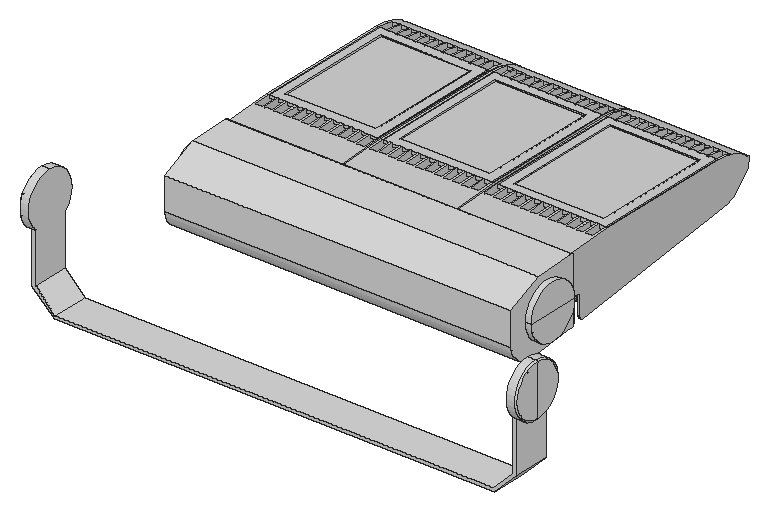
Revit family "0049128 Feilo Sylvania Lighting Fixture SYLVEO LED 30000LM WIDE 3K", category Lighting Fixtures, host Face, Revit 2017
Family settings
  Host = Face
  Round Connector Dimension = Use Diameter
  Part Type = Normal
  OmniClass Number = 23.80.70.00
  OmniClass Title = Lighting
  Cut with Voids When Loaded = No
  Light Source = No
  Shared = Yes
  Room Calculation Point = No
Parameters (values of type "0049128 SYLVEO LED 30000LM WIDE 3K")
  Weight = "15.868 kg"
  Wattage Comments = "n/a"
  WarrantyStartDate [instance] = "n/a"
  WarrantyGuarantorParts = "n/a"
  WarrantyDurationUnit = "n/a"
  WarrantyDurationParts = "n/a"
  WarrantyDescription = "n/a"
  Voltage = 230 V
  URL = "http://www.sylvania-lighting.com"
  TypeName = "SYLVEO LED 30000LM WIDE 3K"
  TypeBody_FEILO = Sylveo Extra Large Body : 0049128 SYLVEO LED 30000LM WIDE 3K
  Type Image = <None>
  Type Comments = "n/a"
  TotalWidth_FEILO = 648 mm
  TiltAngle_FEILO [instance] = 0.00°
  StartAngle_FEILO [instance] = -TiltAngle_FEILO  # 0.00°
  SerialNumber [instance] = "n/a"
  PowerFactor = 0
  PowerConsumption = "301.2 W"
  NominalWidth = 0 mm
  NominalLength = 648 mm
  NominalHeight = 392 mm
  Name = "SYLVEO LED 30000LM WIDE 3K"
  ModelReference = "SYLVEO LED 30000LM WIDE 3K"
  ModelNumber = "0049128"
  Material = "aluminium housing, glass diffuser"
  ManufacturerName = "Feilo Sylvania"
  LuminousEfficacy = "102.3 lm/W"
  LuminaireType = ""
  LightOutputRatio = "100"
  LampsType = Lamp  # "LED"
  LampNominalLuminous = "30813 lm"
  LampMacAdamStep = "6"
  LampColourTemperature = "3000 K"
  LampColourRenderingIndex = "70"
  InstallationDate [instance] = "n/a"
  InputVoltage = "100-240V~"
  InputNominalFrequency = "50 Hz"
  IngressProtection = "IP66"
  ImpactProtectionIndex = "IK08"
  IfcExportType = "IfcLightFixtureType"
  IfcExportAs = "IfcLightFixtureType"
  HingeHeight_FEILO = 121 mm
  HingeDia_FEILO = 70 mm
  ExpectedLife = 50000
  EndAngle_FEILO [instance] = StartAngle_FEILO + 180.00°  # 180.00°
  Material_3_FEILO = none
  Model = "SYLVEO LED 30000LM WIDE 3K"
  Manufacturer = "Feilo Sylvania"
  Lamp = "LED"
  Keynote = "16500"
  Material_2_FEILO = none
  ElectricShockClassification = "Class I"
  DurationUnit = "hours"
  DocumentationLiterature = "http://www.sylvania-lighting.com/product/en-int/products/0049128"
  DimmingControlOptions = "Non dimmable"
  Description = "Exterior LED Floodlight, comes complete with a 1000mm cable and adjustable bracket, aluminium housing, clear glass diffuser, IP66, IK08, Class I, 3000K, Non-dimming, 30813lm, 301W, 102lm/W, 8400mA, CRI70, 52° beam angle, 50000hrs, (LxWxD) 98x648x392mm"
  Default Elevation = 1219.2 mm
  CreatedOn = "12/18/2017"
  CreatedBy = ""
  Cost = 0
  built-in parameter 1114216 [instance] = (empty or 0)
  ClassificationValue = "EF_70_80"
  ClassificationName = "Uniclass2015"
  BracketWidth_FEILO = 48 mm
  BracketThickness_FEILO = 4.5 mm
  BracketInnerWidth_FEILO = 623 mm
  BracketFold_FEILO = 30 mm
  BracketExtrusionStart_FEILO = -BracketWidth_FEILO / 2  # -24 mm
  BracketExtrusionEnd_FEILO = BracketWidth_FEILO / 2  # 24 mm
  Material_1_FEILO = Body-Sylvania-Sylveo-Aluminium
  BarCode [instance] = "n/a"
  AssetType = "Fixed"
  AssetIdentifier [instance] = "n/a"
  Assembly Code = "D5020200"
  Apparent Load = 301.2 VA
  Material_4_FEILO = none
Reference planes
  plane 1 "Center (Front/Back)": y = 0
  plane 2: z = 0
  plane 3 "Center (Left/Right)": x = 0
  plane 4: x = 311.5
  plane 5: x = -311.5
  plane 6: z = 121
  plane 7: x = 324
  plane 8: x = -324
  plane 9: z = 156
  plane 10: z = 86
  plane 11: x = 322
  plane 12: x = -322
  plane 13: x = 316
  plane 14: x = -316
  plane 15: z = 4.5
  plane 16: z = 30
  plane 17: x = 286
  plane 18: x = -286
  plane 19: z = 88
Forms (mm)
  Extrusion 1, solid, material "Body-Sylvania-Sylveo-Aluminium" <- "Material_1_FEILO"
    sketch origin (0, 0, 0) x (1, 0, 0) y (0, 0, 1)
      loop
        line (0, 4.5) -> (0, 0) -> (286.828, 0) -> (316, 29.172) -> (316, 121) -> (311.5, 121) -> (311.5, 30) -> (286, 4.5) -> (0, 4.5)
    from -24 <- "BracketExtrusionStart_FEILO" to 24 <- "BracketExtrusionEnd_FEILO"
  Extrusion 2, solid, material "Body-Sylvania-Sylveo-Aluminium" <- "Material_1_FEILO"
    sketch origin (0, 0, 0) x (-1, 0, 0) y (0, 0, -1)
      loop
        line (0, -4.5) -> (286, -4.5) -> (311.5, -30) -> (311.5, -121) -> (316, -121) -> (316, -29.172) -> (286.828, 0) -> (0, 0) -> (0, -4.5)
    from -24 <- "BracketExtrusionStart_FEILO" to 24 <- "BracketExtrusionEnd_FEILO"
  Revolve 3, solid, material "Body-Sylvania-Sylveo-Aluminium" <- "Material_1_FEILO"
    sketch origin (0, 0, 0) x (1, 0, 0) y (0, 0, 1)
      loop
        line (-311.5, 121) -> (-324, 121) -> (-324, 88) -> (-322, 86) -> (-311.5, 86) -> (-311.5, 121)
      axis (-311.5, 121) -> (-324, 121)
    angle from 0 to 360
  Revolve 4, solid, material "Body-Sylvania-Sylveo-Aluminium" <- "Material_1_FEILO"
    sketch origin (0, 0, 0) x (-1, 0, 0) y (0, 0, 1)
      loop
        line (-311.5, 121) -> (-324, 121) -> (-324, 88) -> (-322, 86) -> (-311.5, 86) -> (-311.5, 121)
      axis (-311.5, 121) -> (-324, 121)
    angle from 0 to 360
  Revolve 5, solid, not visible
    sketch origin (181.107, 0, 121) x (1, 0, 0) y (0, 1, 0)
      loop
        line (-191.101, 0) -> (-171.112, 0) -> (-171.112, 10) -> (-191.101, 10) -> (-191.101, 0)
      axis (-171.112, 0) -> (-191.101, 0)
    angle from 0 <- "StartAngle_FEILO" to 180 <- "EndAngle_FEILO"
Cuts and joins
  joined: Extrusion 1, Extrusion 2, Revolve 3, Revolve 4
Dimensions and locks
  equal spacing: plane 5, plane 3 "Center (Left/Right)", plane 4
  "BracketInnerWidth_FEILO": plane 5 to plane 4
  equal spacing: plane 7, plane 3 "Center (Left/Right)", plane 8
  "TotalWidth_FEILO": plane 7 to plane 8
  "HingeHeight_FEILO": plane 2 to plane 6
  equal spacing: plane 10, plane 6, plane 9
  "HingeDia_FEILO": plane 10 to plane 9
  equal spacing: plane 11, plane 3 "Center (Left/Right)", plane 12
  equal spacing: plane 13, plane 3 "Center (Left/Right)", plane 14
  "BracketFold_FEILO": plane 2 to plane 16
  "BracketThickness_FEILO": plane 2 to plane 15
  equal spacing: plane 17, plane 3 "Center (Left/Right)", plane 18
  locked: plane 19 to plane 10 at 2
  locked: Revolve 5 sketch curve to Revolve 5 sketch curve at 10
  equal spacing: Revolve 5 sketch curve, plane 3 "Center (Left/Right)", Revolve 5 sketch curve
  locked: Revolve 5 sketch curve to Revolve 5 sketch curve at 19.988
  locked: plane 7 to plane 11 at 2
  "BracketFold_FEILO": plane 13 to plane 17
  "BracketThickness_FEILO": plane 4 to plane 13
  aligned and locked: plane 2 to host face
  aligned and locked: level to host face
  aligned and locked: plane 10 to Revolve 3 sketch curve
  aligned and locked: Revolve 3 sketch curve to plane 8
  aligned and locked: plane 5 to Revolve 3 sketch curve
  aligned and locked: Revolve 3 sketch curve to plane 6  (x2)
  aligned and locked: Revolve 5 sketch curve to plane 1 "Center (Front/Back)"
  aligned and locked: plane 3 "Center (Left/Right)" to nested 1
Automatic sketch dimensions
  host sketch curve to host sketch curve = 2438.4 mm  (x2)
  Extrusion 1 sketch curve to plane 3 "Center (Left/Right)" = 0 mm  (x2)
  Extrusion 1 sketch curve to level = 0 mm  (x2)
  Extrusion 1 sketch curve to plane 15 = 0 mm
  Extrusion 1 sketch curve to plane 17 = 0 mm
  plane 4 to Extrusion 1 sketch curve = 0 mm
  Extrusion 1 sketch curve to plane 13 = 0 mm  (x2)
  Extrusion 1 sketch curve to plane 6 = 0 mm  (x2)
  Extrusion 1 sketch curve to plane 16 = 0 mm
  plane 17 to Extrusion 1 sketch curve = 0.828 mm
  Extrusion 1 sketch curve to plane 16 = 0.828 mm
  Extrusion 2 sketch curve to plane 3 "Center (Left/Right)" = 0 mm  (x2)
  Extrusion 2 sketch curve to level = 0 mm  (x2)
  Extrusion 2 sketch curve to plane 15 = 0 mm
  plane 18 to Extrusion 2 sketch curve = 0 mm
  plane 5 to Extrusion 2 sketch curve = 0 mm
  plane 14 to Extrusion 2 sketch curve = 0 mm  (x2)
  Extrusion 2 sketch curve to plane 6 = 0 mm  (x2)
  Extrusion 2 sketch curve to plane 16 = 0 mm
  Extrusion 2 sketch curve to plane 18 = 0.828 mm
  plane 16 to Extrusion 2 sketch curve = 0.828 mm
  plane 12 to Revolve 3 sketch curve = 0 mm
  Revolve 3 sketch curve to plane 19 = 0 mm
  plane 8 to Revolve 3 sketch curve = 77.715 mm
  plane 7 to Revolve 3 sketch curve = 78.607 mm
  Revolve 4 sketch curve to plane 6 = 0 mm  (x2)
  Revolve 4 sketch curve to plane 7 = 0 mm
  Revolve 4 sketch curve to plane 10 = 0 mm
  Revolve 4 sketch curve to plane 11 = 0 mm
  plane 4 to Revolve 4 sketch curve = 0 mm
  Revolve 4 sketch curve to plane 19 = 0 mm
  Revolve 4 sketch curve to Revolve 4 sketch curve = 77.715 mm
  Revolve 4 sketch curve to plane 8 = 78.607 mm
  plane 1 "Center (Front/Back)" to Revolve 5 sketch curve = 0 mm
  plane 8 to Revolve 5 sketch curve = 1421.5 mm
  plane 7 to Revolve 5 sketch curve = 1421.5 mm
Nested families
  nested 1: "Sylveo Extra Large Body" at (0, 137.375, 121), type <- "TypeBody_FEILO", type "0049128 SYLVEO LED 30000LM WIDE 3K"
    with Apparent Load 301.2 VA
Connectors
  electrical at (0, 0, 0), driven by "Apparent Load"
    settings: index 1, voltage 230 V, apparent load 301.2 VA, apparent load phase1 0 VA, apparent load phase2 0 VA, apparent load phase3 0 VA, power factor 0, load classification "Lighting", number of poles 1, system type 30, power factor state 1, is connector primary yes, connector utility no, sub classification motor no, connector description ""
Definition of nested family "Sylveo Extra Large Body"
  Parameters (values of type "0049147 SYLVEO LED 20000LM RASYM 4K DALI ")
    Weight = "11.516 kg"
    Wattage Comments = ""
    Wattage = 202 W
    WarrantyStartDate [instance] = "n/a"
    WarrantyGuarantorParts = "n/a"
    WarrantyDurationUnit = "n/a"
    WarrantyDurationParts = "n/a"
    WarrantyDescription = "n/a"
    built-in parameter 1150110 = 1 (stored number, unit not read)
    Voltage = 230 V
    URL = "http://www.feilosylvania.com"
    TypeName = "SYLVEO LED 20000LM RASYM 4K DALI"
    Type Image = (empty or 0)
    Type Comments = "n/a"
    built-in parameter 1114217 = 1 (stored number, unit not read)
    Tilt Angle = -90.00°
    built-in parameter 1150109 = 1 (stored number, unit not read)
    built-in parameter 1150134 = 12
    built-in parameter 1150113 = 1 (stored number, unit not read)
    SerialNumber [instance] = "n/a"
    Photometric Web File = "0049147.ies"
    Material_3_FEILO = none
    PowerFactor = 0.95
    PowerConsumption = "202 W"
    NominalLength = 98 mm
    NominalHeight = 392 mm
    NominalDepth = 496 mm
    Name = "SYLVEO LED 20000LM RASYM 4K DALI"
    ModelReference = Name  # "SYLVEO LED 20000LM RASYM 4K DALI"
    ModelNumber = "0049147"
    Model = Name  # "SYLVEO LED 20000LM RASYM 4K DALI"
    Material = "aluminum housing, glass diffuser"
    ManufacturerName = "Feilo Sylvania"
    Manufacturer = "Feilo Sylvania"
    LuminousEfficacy = "106.6 lm/W"
    built-in parameter 1150105 = 11127.1 (stored number, unit not read)
    Lumens = 21533.2 lm
    LuminaireType = ""
    built-in parameter 1150115 = 1 (stored number, unit not read)
    LightOutputRatio = "1"
    built-in parameter 1150137 = (empty or 0)
    built-in parameter 1150139 = (empty or 0)
    LampsType = Lamp  # "LED"
    LampNominalLuminous = "21542 lm"
    LampMacAdamStep = "6"
    LampColourTemperature = "4000 K"
    LampColourRenderingIndex = "70"
    built-in parameter 1150112 = 1 (stored number, unit not read)
    built-in parameter 1150114 = 1 (stored number, unit not read)
    Lamp = "LED"
    Keynote = "16500"
    InstallationDate [instance] = "n/a"
    InputVoltage = "100-240V~"
    InputNominalFrequency = "50/60 Hz"
    built-in parameter 1150132 = (empty or 0)
    built-in parameter 1150102 = (empty or 0)
    built-in parameter 1150107 = 4000 (stored number, unit not read)
    built-in parameter 1150138 = (empty or 0)
    IngressProtection = "IP66"
    ImpactProtectionIndex = "IK08"
    built-in parameter 1150106 = 111.27 (stored number, unit not read)
    IfcExportType = "IfcLightFixtureType"
    IfcExportAs = "IfcLightFixtureType"
    ExpectedLife = 50000
    Emit from Rectangle Width = 156 mm
    Emit from Rectangle Length = 415.5 mm
    Emit Shape Visible in Rendering = no
    ElectricShockClassification = "Class I"
    built-in parameter 1150104 = 9.9035 (stored number, unit not read)
    DurationUnit = "hours"
    DocumentationLiterature = "http://www.feilosylvania.com/product/en-int/products/0049147"
    DimmingControlOptions = "Dimmable"
    Material_2_FEILO = none
    Dimming Lamp Color Temperature Shift = (empty or 0)
    Description = "Exterior LED floodlight, comes complete with a 1000mm cable and adjustable bracket, aluminium housing, clear glass diffuser, 21542lm, 201W, 107lm/W, 4000K, 5002mA, CRI70, 52°x117° beam angle, DALI dimmable, IP66, IK08, Class I, 50000hrs, (LxWxD) 98x496x392mm"
    Default Elevation = 1219.2 mm
    CreatedOn = "1/9/2018"
    CreatedBy = "aron.fodor@feilosylvania.com"
    Cost = 0
    Color Filter = 16777215
    built-in parameter 1114216 [instance] = (empty or 0)
    ClassificationValue = "EF_70_80"
    ClassificationName = "Uniclass2015"
    Material_1_FEILO = none
    BarCode [instance] = "n/a"
    built-in parameter 1114218 = 1 (stored number, unit not read)
    built-in parameter 1150133 = 10 (stored number, unit not read)
    AssetType = "Fixed"
    AssetIdentifier [instance] = "n/a"
    Assembly Code = "D5020200"
    Apparent Load = 202 VA
    Material_4_FEILO = none
  Types (9, lengths in mm): name | Weight | Wattage | TypeName | built-in parameter 1150134 | Photometric Web File | PowerFactor | PowerConsumption | NominalLength | NominalDepth | Name | ModelReference | ModelNumber | Model | Material | LuminousEfficacy | built-in parameter 1150105 | Lumens | LightOutputRatio | LampNominalLuminous | LampColourTemperature | InputNominalFrequency | built-in parameter 1150107 | built-in parameter 1150106 | built-in parameter 1150104 | DocumentationLiterature | DimmingControlOptions | Description | Apparent Load
    0049147 SYLVEO LED 20000LM RASYM 4K DALI | "11.516 kg" | 202 W | "SYLVEO LED 20000LM RASYM 4K DALI" | 12 | "0049147.ies" | 0.95 | "202 W" | 98 | 496 | "SYLVEO LED 20000LM RASYM 4K DALI" | "SYLVEO LED 20000LM RASYM 4K DALI" | "0049147" | "SYLVEO LED 20000LM RASYM 4K DALI" | "aluminum housing, glass diffuser" | "106.6 lm/W" | 11127.1 (stored number, unit not read) | 21533.2 lm | "1" | "21542 lm" | "4000 K" | "50/60 Hz" | 4000 (stored number, unit not read) | 111.27 (stored number, unit not read) | 9.9035 (stored number, unit not read) | "http://www.feilosylvania.com/product/en-int/products/0049147" | "Dimmable" | "Exterior LED floodlight, comes complete with a 1000mm cable and adjustable bracket, aluminium housing, clear glass diffuser, 21542lm, 201W, 107lm/W, 4000K, 5002mA, CRI70, 52°x117° beam angle, DALI dimmable, IP66, IK08, Class I, 50000hrs, (LxWxD) 98x496x392mm" | 202 VA
    0049146 SYLVEO LED 20000LM WIDE 4K DALI | "11.516 kg" | 200 W | "SYLVEO LED 20000LM WIDE 4K DALI" | 12 | "0049146.ies" | 0.95 | "200 W" | 98 | 496 | "SYLVEO LED 20000LM WIDE 4K DALI" | "SYLVEO LED 20000LM WIDE 4K DALI" | "0049146" | "SYLVEO LED 20000LM WIDE 4K DALI" | "aluminum housing, glass diffuser" | "106.4 lm/W" | 25856.7 (stored number, unit not read) | 21280 lm | "1" | "21281 lm" | "4000 K" | "50/60 Hz" | 4000 (stored number, unit not read) | 258.57 (stored number, unit not read) | 9.8849 (stored number, unit not read) | "http://www.feilosylvania.com/product/en-int/products/0049146" | "Dimmable" | "Exterior LED floodlight, comes complete with a 1000mm cable and adjustable bracket, aluminium housing, clear glass diffuser, 21281lm, 200W, 106lm/W, 4000K, 5002mA, CRI70, 52° beam angle, DALI dimmable, IP66, IK08, Class I, 50000hrs, (LxWxD) 98x496x392mm" | 200 VA
    0049145 SYLVEO LED 20000LM NAR 4K DALI | "11.516 kg" | 201 W | "SYLVEO LED 20000LM NAR 4K DALI" | 12 | "0049145.ies" | 0.95 | "201 W" | 98 | 496 | "SYLVEO LED 20000LM NAR 4K DALI" | "SYLVEO LED 20000LM NAR 4K DALI" | "0049145" | "SYLVEO LED 20000LM NAR 4K DALI" | "aluminum housing, glass diffuser" | "107.5 lm/W" | 50417.9 (stored number, unit not read) | 21607.5 lm | "1" | "21605 lm" | "4000 K" | "50/60 Hz" | 4000 (stored number, unit not read) | 504.18 (stored number, unit not read) | 9.9871 (stored number, unit not read) | "http://www.feilosylvania.com/product/en-int/products/0049145" | "Dimmable" | "Exterior LED floodlight, comes complete with a 1000mm cable and adjustable bracket, aluminium housing, clear glass diffuser, 21605lm, 201W, 108lm/W, 4000K, 5002mA, CRI70, 30° beam angle, DALI dimmable, IP66, IK08, Class I, 50000hrs, (LxWxD) 98x496x392mm" | 201 VA
    0049123 SYLVEO LED 20000LM RASYM 3K | "11.516 kg" | 201.3 W | "SYLVEO LED 20000LM RASYM 3K" | (empty or 0) | "0049123.ies" | 0 | "201.3 W" | 496 | 98 | "SYLVEO LED 20000LM RASYM 3K" | "SYLVEO LED 20000LM RASYM 3K" | "0049123" | "SYLVEO LED 20000LM RASYM 3K" | "aluminium housing, glass diffuser" | "102.5 lm/W" | 10660.6 (stored number, unit not read) | 20633.3 lm | "100" | "20639 lm" | "3000 K" | "50 Hz" | 3000 (stored number, unit not read) | 106.61 (stored number, unit not read) | 9.5226 (stored number, unit not read) | "http://www.feilosylvania.com/product/en-int/products/0049123" | "Non dimmable" | "Exterior LED Floodlight, comes complete with a 1000mm cable and adjustable bracket, aluminium housing, clear glass diffuser, IP66, IK08, Class I, 3000K, Non-dimming, 20639lm, 201W, 103lm/W, 4800mA, CRI70, 52°x117° beam angle, 50000hrs, (LxWxD) 98x496x392mm, Asmmetric" | 201.3 VA
    0049122 SYLVEO LED 20000LM WIDE 3K | "11.5 kg" | 201.3 W | "SYLVEO LED 20000LM WIDE 3K" | (empty or 0) | "0049122.ies" | 0 | "201.3 W" | 496 | 98 | "SYLVEO LED 20000LM WIDE 3K" | "SYLVEO LED 20000LM WIDE 3K" | "0049122" | "SYLVEO LED 20000LM WIDE 3K" | "aluminium housing, glass diffuser" | "102.5 lm/W" | 25192 (stored number, unit not read) | 20633.3 lm | "100" | "20633 lm" | "3000 K" | "50 Hz" | 3000 (stored number, unit not read) | 251.92 (stored number, unit not read) | 9.5226 (stored number, unit not read) | "http://www.feilosylvania.com/product/en-int/products/0049122" | "Non dimmable" | "Exterior LED Floodlight, comes complete with a 1000mm cable and adjustable bracket, aluminium housing, clear glass diffuser, IP66, IK08, Class I, 3000K, Non-dimming, 20633lm, 201W, 103lm/W, 4800mA, CRI70, 52° beam angle, 50000hrs, (LxWxD) 98x496x392mm" | 201.3 VA
    0049121 SYLVEO LED 20000LM NAR 3K | "11.552 kg" | 200.6 W | "SYLVEO LED 20000LM NAR 3K" | (empty or 0) | "0049121.ies" | 0 | "200.6 W" | 496 | 98 | "SYLVEO LED 20000LM NAR 3K" | "SYLVEO LED 20000LM NAR 3K" | "0049121" | "SYLVEO LED 20000LM NAR 3K" | "aluminium housing, glass diffuser" | "103.9 lm/W" | 50639 (stored number, unit not read) | 20842.3 lm | "100" | "20834 lm" | "3000 K" | "50 Hz" | 3000 (stored number, unit not read) | 506.39 (stored number, unit not read) | 9.6526 (stored number, unit not read) | "http://www.feilosylvania.com/product/en-int/products/0049121" | "Non dimmable" | "Exterior LED Floodlight, comes complete with a 1000mm cable and adjustable bracket, aluminium housing, clear glass diffuser, IP66, IK08, Class I, 3000K, Non-dimming, 20834lm, 201W, 104lm/W, 4800mA, CRI70, 30° beam angle, 50000hrs, (LxWxD) 98x496x392mm" | 200.6 VA
    0049120 SYLVEO LED 20000LM RASYM 4K | "11.318 kg" | 200.6 W | "SYLVEO LED 20000LM RASYM 4K" | 12 | "0049120.ies" | 0 | "200.6 W" | 496 | 98 | "SYLVEO LED 20000LM RASYM 4K" | "SYLVEO LED 20000LM RASYM 4K" | "0049120" | "SYLVEO LED 20000LM RASYM 4K" | "aluminium housing, glass diffuser" | "107.4 lm/W" | 11131.4 (stored number, unit not read) | 21544.4 lm | "100" | "21546 lm" | "4000 K" | "50 Hz" | 4000 (stored number, unit not read) | 111.31 (stored number, unit not read) | 9.9778 (stored number, unit not read) | "http://www.feilosylvania.com/product/en-int/products/0049120" | "Non dimmable" | "Exterior LED Floodlight, comes complete with a 1000mm cable and adjustable bracket, aluminium housing, clear glass diffuser, IP66, IK08, Class I, 4000K, Non-dimming, 21546lm, 201W, 107lm/W, 4800mA, CRI70, 52°x117° beam angle, 50000hrs, (LxWxD) 98x496x392mm" | 200.6 VA
    0049119 SYLVEO LED 20000LM WIDE 4K | "11.472 kg" | 200.5 W | "SYLVEO LED 20000LM WIDE 4K" | 12 | "0049119.ies" | 0 | "200.5 W" | 496 | 98 | "SYLVEO LED 20000LM WIDE 4K" | "SYLVEO LED 20000LM WIDE 4K" | "0049119" | "SYLVEO LED 20000LM WIDE 4K" | "aluminium housing, glass diffuser" | "107.3 lm/W" | 27146.8 (stored number, unit not read) | 21513.6 lm | "100" | "21514 lm" | "4000 K" | "50 Hz" | 4000 (stored number, unit not read) | 271.47 (stored number, unit not read) | 9.9685 (stored number, unit not read) | "http://www.feilosylvania.com/product/en-int/products/0049119" | "Non dimmable" | "Exterior LED Floodlight, comes complete with a 1000mm cable and adjustable bracket, aluminium housing, clear glass diffuser, IP66, IK08, Class I, 4000K, Non-dimming, 21514lm, 201W, 107lm/W, 4800mA, CRI70, 52° beam angle, 50000hrs, (LxWxD) 98x496x392mm" | 200.5 VA
    0049118 SYLVEO LED 20000LM NAR 4K | "11.496 kg" | 201.2 W | "SYLVEO LED 20000LM NAR 4K" | 12 | "0049118.ies" | 0 | "201.2 W" | 496 | 98 | "SYLVEO LED 20000LM NAR 4K" | "SYLVEO LED 20000LM NAR 4K" | "0049118" | "SYLVEO LED 20000LM NAR 4K" | "aluminium housing, glass diffuser" | "107.4 lm/W" | 52850.4 (stored number, unit not read) | 21608.9 lm | "100" | "21609 lm" | "4000 K" | "50 Hz" | 4000 (stored number, unit not read) | 528.5 (stored number, unit not read) | 9.9778 (stored number, unit not read) | "http://www.feilosylvania.com/product/en-int/products/0049118" | "Non dimmable" | "Exterior LED Floodlight, comes complete with a 1000mm cable and adjustable bracket, aluminium housing, clear glass diffuser, IP66, IK08, Class I, 4000K, Non-dimming, 21609lm, 201W, 107lm/W, 4000K, 4800mA, CRI70, 30° beam angle, 50000hrs, (LxWxD) 98x496x392mm" | 201.2 VA
  Reference planes
    plane 1 "Center (Front/Back)": y = 0
    plane 2: z = 0
    plane 3 "Center (Left/Right)": x = 0
    plane 4: x = 248
    plane 5: x = -248
    plane 6: x = 225.5
    plane 7: x = -225.5
    plane 8: y = 35
    plane 9: x = -234
    plane 10: x = 234
    plane 11: y = 43
    plane 12: y = -12
    plane 13: y = -58
    plane 14: z = 46
    plane 15: z = 43
    plane 16: z = 23
    plane 17: z = -20
    plane 18: y = -23
    plane 19: z = -40
    plane 20: z = -47
    plane 21: x = -149
    plane 22: x = 149
  Forms (mm)
    Extrusion 1, solid
      sketch origin (4.2, 0, 0) x (1, 0, 0) y (0, 1, 0)
        loop
          line (-1219.2, 1219.2) -> (-1219.2, -1219.2) -> (1219.2, -1219.2) -> (1219.2, 1219.2) -> (-1219.2, 1219.2)
      from 0 to -68.017
    Extrusion 2, solid, material <- "Material_1_FEILO"
      sketch origin (0, 0, 0) x (0, 1, 0) y (0, 0, 1)
        loop
          line (41.418, 45.914) -> (-12, 43)
          arc (-12, 43) -> (-35.432, 33.994) -> (-58, 23) r 290.694
          line (-58, 23) -> (-58, -20)
          arc (-58, -20) -> (-45.914, -40.518) -> (-23, -47) r 31.99
          line (-23, -47) -> (40.738, -40.24)
          arc (40.738, -40.24) -> (42.351, -39.416) -> (43, -37.725) r 2.529
          line (43, -37.725) -> (43, 44.416)
          arc (43, 44.416) -> (42.531, 45.505) -> (41.418, 45.914) r 1.5
      from -225.5 to 225.5
    Revolve 3, solid, material <- "Material_1_FEILO"
      sketch origin (0, 0, 0) x (1, 0, 0) y (0, 1, 0)
        loop
          line (-234, 35) -> (-234, 0) -> (-225.5, 0) -> (-225.5, 35) -> (-234, 35)
        loop
          line (234, 0) -> (234, 35) -> (225.5, 35) -> (225.5, 0) -> (234, 0)
        axis (234, 0) -> (-234, 0)
      angle from 360 to 0
  Cuts and joins
    joined: Extrusion 2, Revolve 3
  Dimensions and locks
    equal spacing: plane 5, plane 3 "Center (Left/Right)", plane 4
    locked: plane 5 to plane 4 at 496
    equal spacing: plane 7, plane 3 "Center (Left/Right)", plane 6
    locked: plane 5 to plane 7 at 22.5
    plane 1 "Center (Front/Back)" to plane 8 = 35 mm
    equal spacing: plane 9, plane 3 "Center (Left/Right)", plane 10
    locked: plane 9 to plane 10 at 468
    plane 13 to plane 18 to plane 12 to plane 1 "Center (Front/Back)" to plane 8 to plane 11 = 35 mm locked, 11 mm locked, 12 mm locked, 35 mm locked, 8 mm locked
    plane 14 to plane 15 to plane 16 to plane 2 to plane 17 to plane 19 = 3 mm locked, 20 mm locked, 23 mm locked, 20 mm locked, 20 mm locked
    locked: plane 20 to plane 19 at 7
    equal spacing: plane 21, plane 3 "Center (Left/Right)", plane 22
    locked: plane 21 to plane 3 "Center (Left/Right)" at 149
    aligned and locked: plane 2 to Extrusion 1
    aligned and locked: level to Extrusion 1
    aligned and locked: Extrusion 2 sketch curve to plane 11
    aligned and locked: plane 13 to Extrusion 2 sketch curve
    aligned and locked: plane 6 to Extrusion 2
    aligned and locked: Extrusion 2 to plane 7
    aligned and locked: plane 8 to Revolve 3 sketch curve  (x2)
    aligned and locked: plane 9 to Revolve 3 sketch curve
    aligned and locked: Revolve 3 sketch curve to plane 1 "Center (Front/Back)"  (x3)
    aligned and locked: Revolve 3 sketch curve to plane 7
    aligned and locked: Revolve 3 sketch curve to plane 10
    aligned and locked: plane 6 to Revolve 3 sketch curve
    aligned and locked: plane 2 to nested 1
    aligned and locked: plane 3 "Center (Left/Right)" to nested 1
    aligned and locked: plane 21 to nested 3
    aligned and locked: plane 22 to nested 2
    aligned and locked: plane 2 to nested 2
    aligned and locked: plane 2 to nested 3
    aligned and locked: imposter light to nested 2
    aligned and locked: imposter light to nested 1
    aligned and locked: imposter light to plane 3 "Center (Left/Right)"
  Automatic sketch dimensions
    Extrusion 1 sketch curve to Extrusion 1 sketch curve = 2438.4 mm  (x2)
    Extrusion 2 sketch curve to plane 18 = 0 mm
    Extrusion 2 sketch curve to plane 12 = 0 mm
    plane 20 to Extrusion 2 sketch curve = 0 mm
    plane 17 to Extrusion 2 sketch curve = 0 mm
    plane 16 to Extrusion 2 sketch curve = 0 mm
    plane 15 to Extrusion 2 sketch curve = 0 mm
    plane 18 to Extrusion 2 sketch curve = 3.374 mm
    Extrusion 2 sketch curve to Extrusion 2 sketch curve = 2.529 mm
    plane 19 to Extrusion 2 sketch curve = 0.24 mm
    plane 11 to Extrusion 2 sketch curve = 2.262 mm
    plane 14 to Extrusion 2 sketch curve = 0.086 mm
    plane 11 to Extrusion 2 sketch curve = 1.582 mm
    Extrusion 2 sketch curve to plane 15 = 1.416 mm
    Extrusion 2 sketch curve to plane 11 = 37.475 mm
    Revolve 3 sketch curve to plane 5 = 1276 mm
    plane 4 to Revolve 3 sketch curve = 1276 mm
  Nested families
    nested 1: "Sylveo Extra Large Screen Module" at (0, 43, 48) x (1, 0, 0) z (0, 1, 0), type "Type Name"
    nested 2: "Sylveo Extra Large Screen Module" at (149, 43, 48) x (1, 0, 0) z (0, 1, 0), type "Type Name"
    nested 3: "Sylveo Extra Large Screen Module" at (-149, 43, 48) x (1, 0, 0) z (0, 1, 0), type "Type Name"
  Definition of nested family "Sylveo Extra Large Screen Module"
    Parameters (values of type "Type Name")
      URL = "http://www.feilosylvania.com"
      Type Image = (empty or 0)
      Type Comments = "n/a"
      Material_3_FEILO = none
      Model = ""
      Manufacturer = "Feilo Sylvania"
      Keynote = ""
      Material_2_FEILO = none
      Description = ""
      Default Elevation = 1219.2 mm
      Cost = 0
      Material_1_FEILO = none
      Assembly Code = ""
      Material_4_FEILO = none
    Reference planes
      plane 1 "Center (Front/Back)": y = 0
      plane 2: z = 0
      plane 3 "Center (Left/Right)": x = 0
      plane 4: x = 73.5
      plane 5: x = -73.5
      plane 6: z = 290
      plane 7: z = 262.5
      plane 8: z = 241.5
      plane 9: z = 229.5
      plane 10: x = -71
      plane 11: x = 71
      plane 12: x = -59
      plane 13: x = 59
      plane 14: z = 61.5
      plane 15: z = 73.5
      plane 16: y = 16
      plane 17: y = 31
      plane 18: y = 56
      plane 19: y = 88
      plane 20: z = 16
      plane 21: z = 6
      plane 22: y = 4
      plane 23: x = -61.5
      plane 24: x = -49.5
      plane 25: x = -47
      plane 26: x = -37.5
      plane 27: x = -35
      plane 28: x = -25.5
      plane 29: x = -23
      plane 30: x = -13.5
      plane 31: x = -11
      plane 32: x = -1.5
      plane 33: x = 1
      plane 34: x = 10.5
      plane 35: x = 13
      plane 36: x = 22.5
      plane 37: x = 25
      plane 38: x = 34.5
      plane 39: x = 37
      plane 40: x = 46.5
      plane 41: x = 49
      plane 42: x = 58.5
      plane 43: x = 61
      plane 44: z = 40.5
      plane 45: y = 92
      plane 46: y = 48
      plane 47: z = 30.5
      plane 48: y = 1
      plane 49: z = 151.5
    Forms (mm)
      Extrusion 1, solid
        sketch origin (4.2, 0, 0) x (1, 0, 0) y (0, 1, 0)
          loop
            line (-1219.2, 1219.2) -> (-1219.2, -1219.2) -> (1219.2, -1219.2) -> (1219.2, 1219.2) -> (-1219.2, 1219.2)
        from 0 to -68.017
      Extrusion 2, solid, material <- "Material_1_FEILO", detail levels medium+fine
        sketch origin (0, 0, 0) x (0, 1, 0) y (0, 0, 1)
          loop
            line (0, 241.5) -> (0, 61.5) -> (4, 0) -> (88, 0) -> (88, 5)
            arc (88, 5) -> (87.707, 5.707) -> (87, 6) r 1
            line (87, 6) -> (58, 6)
            arc (58, 6) -> (56.586, 6.586) -> (56, 8) r 2
            line (56, 8) -> (56, 14)
            arc (56, 14) -> (56.586, 15.414) -> (58, 16) r 2
            line (58, 16) -> (82.836, 16)
            arc (82.836, 16) -> (86.711, 17.379) -> (88.136, 21.237) r 4.853
            arc (88.136, 21.237) -> (75.429, 138.984) -> (57.18, 256.001) r 2509.59
            arc (57.18, 256.001) -> (55.179, 262.077) -> (51.577, 267.365) r 22.945
            line (51.577, 267.365) -> (31, 290) -> (16, 290)
            arc (16, 290) -> (4.103, 267.036) -> (0, 241.5) r 81.508
        from -73.5 to 73.5
      Extrusion 3, void
        sketch origin (0, 0, 0) x (1, 0, 0) y (0, 0, 1)
          loop
            line (-71, 262.5) -> (-71, 40.5) -> (-61.5, 40.5) -> (-61.5, 262.5) -> (-71, 262.5)
          loop
            line (-59, 262.5) -> (-59, 40.5) -> (-49.5, 40.5) -> (-49.5, 262.5) -> (-59, 262.5)
          loop
            line (-47, 262.5) -> (-47, 40.5) -> (-37.5, 40.5) -> (-37.5, 262.5) -> (-47, 262.5)
          loop
            line (-35, 262.5) -> (-35, 40.5) -> (-25.5, 40.5) -> (-25.5, 262.5) -> (-35, 262.5)
          loop
            line (-23, 262.5) -> (-23, 40.5) -> (-13.5, 40.5) -> (-13.5, 262.5) -> (-23, 262.5)
          loop
            line (-11, 262.5) -> (-11, 40.5) -> (-1.5, 40.5) -> (-1.5, 262.5) -> (-11, 262.5)
          loop
            line (1, 262.5) -> (1, 40.5) -> (10.5, 40.5) -> (10.5, 262.5) -> (1, 262.5)
          loop
            line (13, 262.5) -> (13, 40.5) -> (22.5, 40.5) -> (22.5, 262.5) -> (13, 262.5)
          loop
            line (25, 262.5) -> (25, 40.5) -> (34.5, 40.5) -> (34.5, 262.5) -> (25, 262.5)
          loop
            line (37, 262.5) -> (37, 40.5) -> (46.5, 40.5) -> (46.5, 262.5) -> (37, 262.5)
          loop
            line (49, 262.5) -> (49, 40.5) -> (58.5, 40.5) -> (58.5, 262.5) -> (49, 262.5)
          loop
            line (61, 262.5) -> (61, 40.5) -> (71, 40.5) -> (71, 262.5) -> (61, 262.5)
        from -88 to 0
      Extrusion 4, void
        sketch origin (0, 0, 0) x (0, 1, 0) y (0, 0, 1)
          loop
            line (83.385, 40.5) -> (48, 40.5) -> (48, 6) -> (92, 6) -> (92, 43.121) -> (85.747, 43.121)
            arc (85.747, 43.121) -> (85.149, 41.285) -> (83.385, 40.5) r 2.374
        from -71 to 71
      Extrusion 5, solid, material <- "Material_1_FEILO", detail levels coarse
        sketch origin (0, 0, 0) x (0, 1, 0) y (0, 0, 1)
          loop
            line (51.577, 267.365) -> (31, 290) -> (16, 290)
            arc (16, 290) -> (4.103, 267.036) -> (0, 241.5) r 81.508
            line (0, 241.5) -> (0, 61.5) -> (4, 0) -> (88, 0) -> (88, 5)
            arc (88, 5) -> (87.707, 5.707) -> (87, 6) r 1
            line (87, 6) -> (58, 6)
            arc (58, 6) -> (56.586, 6.586) -> (56, 8) r 2
            line (56, 8) -> (56, 14)
            arc (56, 14) -> (56.586, 15.414) -> (58, 16) r 2
            line (58, 16) -> (82.836, 16)
            arc (82.836, 16) -> (86.711, 17.379) -> (88.136, 21.237) r 4.853
            arc (88.136, 21.237) -> (75.429, 138.984) -> (57.18, 256.001) r 2509.59
            arc (57.18, 256.001) -> (55.179, 262.077) -> (51.577, 267.365) r 22.945
        from -73.5 to 73.5
      Extrusion 6, void
        sketch origin (0, 0, 0) x (1, 0, 0) y (0, 0, 1)
          loop
            line (-71, 241.5) -> (-71, 61.5) -> (71, 61.5) -> (71, 241.5) -> (-71, 241.5)
        from 0 to -4
      Extrusion 7, solid, material <- "Material_1_FEILO"
        sketch origin (0, 0, 0) x (1, 0, 0) y (0, 0, 1)
          loop
            line (-71, 241.5) -> (-71, 61.5) -> (71, 61.5) -> (71, 241.5) -> (-71, 241.5)
          loop
            line (-59, 229.5) -> (-59, 73.5) -> (58.5, 73.5) -> (58.5, 229.5) -> (-59, 229.5)
        from -4 to 0
      Extrusion 8, solid, material <- "Material_2_FEILO"
        sketch origin (0, 0, 0) x (1, 0, 0) y (0, 0, 1)
          loop
            line (-59, 229.5) -> (-59, 73.5) -> (58.5, 73.5) -> (58.5, 229.5) -> (-59, 229.5)
        from -1 to -4
    Cuts and joins
      Extrusion 3, Extrusion 4, Extrusion 6 cuts Extrusion 2
      Extrusion 4, Extrusion 6 cuts Extrusion 5
    Dimensions and locks
      plane 1 "Center (Front/Back)" to plane 16 to plane 17 to plane 18 to plane 19 = 16 mm locked, 15 mm locked, 25 mm locked, 32 mm locked
      plane 7 to plane 8 to plane 9 to plane 15 to plane 14 to plane 20 to plane 21 to plane 2 = 21 mm locked, 12 mm locked, 156 mm locked, 12 mm locked, 45.5 mm locked, 10 mm locked, 6 mm locked
      locked: plane 1 "Center (Front/Back)" to plane 22 at 4
      equal spacing: plane 4, plane 3 "Center (Left/Right)", plane 5
      locked: plane 4 to plane 5 at 147
      plane 11 to plane 43 to plane 42 to plane 41 to plane 40 to plane 39 to plane 38 to plane 37 to plane 36 to plane 35 to plane 34 to plane 33 to plane 32 to plane 31 to plane 30 to plane 29 to plane 28 to plane 27 to plane 26 to plane 25 to plane 24 to plane 12 to plane 23 to plane 10 to plane 5 = 10 mm locked, 2.5 mm locked, 9.5 mm locked, 2.5 mm locked, 9.5 mm locked, 2.5 mm locked, 9.5 mm locked, 2.5 mm locked, 9.5 mm locked, 2.5 mm locked, 9.5 mm locked, 2.5 mm locked, 9.5 mm locked, 2.5 mm locked, 9.5 mm locked, 2.5 mm locked, 9.5 mm locked, 2.5 mm locked, 9.5 mm locked, 2.5 mm locked, 9.5 mm locked, 2.5 mm locked, 9.5 mm locked, 2.5 mm locked
      plane 6 to plane 2 = 290 mm
      plane 6 to plane 7 = 27.5 mm
      plane 7 to plane 8 = 21 mm
      plane 8 to plane 9 = 12 mm
      plane 8 to plane 14 = 180 mm
      plane 15 to plane 14 = 12 mm
      locked: plane 14 to plane 44 at 21
      locked: plane 19 to plane 45 at 4
      locked: plane 46 to plane 18 at 8
      locked: plane 20 to plane 47 at 14.5
      locked: plane 1 "Center (Front/Back)" to plane 48 at 1
      equal spacing: plane 9, plane 49, plane 15
      aligned and locked: plane 2 to Extrusion 1
      aligned and locked: level to Extrusion 1
      aligned and locked: plane 1 "Center (Front/Back)" to Extrusion 2 sketch curve  (x2)
      aligned and locked: plane 16 to Extrusion 2 sketch curve
      aligned and locked: plane 6 to Extrusion 2 sketch curve  (x2)
      aligned and locked: plane 17 to Extrusion 2 sketch curve
      aligned and locked: plane 20 to Extrusion 2 sketch curve
      aligned and locked: Extrusion 2 sketch curve to plane 18
      aligned and locked: Extrusion 2 sketch curve to plane 21
      aligned and locked: Extrusion 2 sketch curve to plane 19
      aligned and locked: Extrusion 2 sketch curve to plane 2
      aligned and locked: plane 22 to Extrusion 2 sketch curve
      aligned and locked: plane 14 to Extrusion 2 sketch curve
      aligned and locked: Extrusion 2 to plane 5
      aligned and locked: plane 7 to Extrusion 3 sketch curve  (x12)
      aligned and locked: plane 10 to Extrusion 3 sketch curve
      aligned and locked: Extrusion 3 sketch curve to plane 44  (x12)
      aligned and locked: Extrusion 3 sketch curve to plane 23
      aligned and locked: plane 12 to Extrusion 3 sketch curve
      aligned and locked: Extrusion 3 sketch curve to plane 24
      aligned and locked: plane 25 to Extrusion 3 sketch curve
      aligned and locked: Extrusion 3 sketch curve to plane 26
      aligned and locked: plane 27 to Extrusion 3 sketch curve
      aligned and locked: Extrusion 3 sketch curve to plane 28
      aligned and locked: plane 29 to Extrusion 3 sketch curve
      aligned and locked: Extrusion 3 sketch curve to plane 30
      aligned and locked: plane 31 to Extrusion 3 sketch curve
      aligned and locked: Extrusion 3 sketch curve to plane 32
      aligned and locked: Extrusion 3 sketch curve to plane 34
      aligned and locked: plane 33 to Extrusion 3 sketch curve
      aligned and locked: plane 35 to Extrusion 3 sketch curve
      aligned and locked: Extrusion 3 sketch curve to plane 36
      aligned and locked: plane 37 to Extrusion 3 sketch curve
      aligned and locked: Extrusion 3 sketch curve to plane 38
      aligned and locked: plane 39 to Extrusion 3 sketch curve
      aligned and locked: Extrusion 3 sketch curve to plane 40
      aligned and locked: plane 41 to Extrusion 3 sketch curve
      aligned and locked: Extrusion 3 sketch curve to plane 42
      aligned and locked: plane 43 to Extrusion 3 sketch curve
      aligned and locked: Extrusion 3 sketch curve to plane 11
      aligned and locked: Extrusion 3 to plane 19
      aligned and locked: plane 1 "Center (Front/Back)" to Extrusion 3
      aligned and locked: Extrusion 4 sketch curve to plane 44
      aligned and locked: plane 21 to Extrusion 4 sketch curve
      aligned and locked: Extrusion 4 sketch curve to plane 45
      aligned and locked: Extrusion 4 to plane 10
      aligned and locked: plane 11 to Extrusion 4
      aligned and locked: plane 46 to Extrusion 4 sketch curve
      aligned and locked: Extrusion 5 sketch curve to cut or joined group of Extrusion 2, Extrusion 3, Extrusion 4, Extrusion 6  (x9)
      aligned and locked: plane 4 to Extrusion 5
      aligned and locked: Extrusion 5 to plane 5
      aligned and locked: Extrusion 6 to plane 22
      aligned and locked: plane 1 "Center (Front/Back)" to Extrusion 6
      aligned and locked: Extrusion 7 sketch curve to cut or joined group of Extrusion 4, Extrusion 5, Extrusion 6  (x2)
      aligned and locked: Extrusion 7 sketch curve to cut or joined group of Extrusion 2, Extrusion 3, Extrusion 4, Extrusion 6  (x2)
      aligned and locked: plane 9 to Extrusion 7 sketch curve
      aligned and locked: Extrusion 7 sketch curve to plane 15
      aligned and locked: Extrusion 7 sketch curve to plane 42
      aligned and locked: plane 1 "Center (Front/Back)" to Extrusion 7
      aligned and locked: Extrusion 7 to plane 22
      aligned and locked: Extrusion 8 sketch curve to Extrusion 7  (x4)
      aligned and locked: Extrusion 8 to plane 22
      aligned and locked: plane 48 to Extrusion 8
    Automatic sketch dimensions
      Extrusion 1 sketch curve to Extrusion 1 sketch curve = 2438.4 mm  (x2)
      plane 8 to Extrusion 2 sketch curve = 0 mm
      Extrusion 2 sketch curve to level = 189.095 mm
      plane 1 "Center (Front/Back)" to Extrusion 2 sketch curve = 2412.624 mm
      Extrusion 2 sketch curve to plane 17 = 3.599 mm
      plane 18 to Extrusion 2 sketch curve = 4.423 mm
      Extrusion 2 sketch curve to Extrusion 2 sketch curve = 2 mm
      Extrusion 2 sketch curve to plane 18 = 2 mm
      plane 19 to Extrusion 2 sketch curve = 5.164 mm
      plane 19 to Extrusion 2 sketch curve = 4.699 mm
      Extrusion 2 sketch curve to Extrusion 2 sketch curve = 1 mm
      Extrusion 2 sketch curve to plane 20 = 4.831 mm
      Extrusion 2 sketch curve to plane 8 = 10.431 mm
      Extrusion 2 sketch curve to plane 7 = 4.865 mm
      Extrusion 2 sketch curve to Extrusion 2 sketch curve = 0 mm
      plane 19 to Extrusion 4 sketch curve = 4.615 mm
      plane 19 to Extrusion 4 sketch curve = 2.253 mm
      Extrusion 4 sketch curve to Extrusion 4 sketch curve = 2.374 mm
      Extrusion 5 sketch curve to level = 0 mm
      Extrusion 5 sketch curve to plane 22 = 0 mm
      plane 14 to Extrusion 5 sketch curve = 0 mm
      Extrusion 5 sketch curve to plane 46 = 3.577 mm
      Extrusion 5 sketch curve to plane 17 = 0 mm
      Extrusion 6 sketch curve to plane 10 = 0 mm
      Extrusion 6 sketch curve to plane 11 = 0 mm
      Extrusion 6 sketch curve to plane 14 = 0 mm
      Extrusion 6 sketch curve to plane 8 = 0 mm
      Extrusion 7 sketch curve to plane 12 = 0 mm
